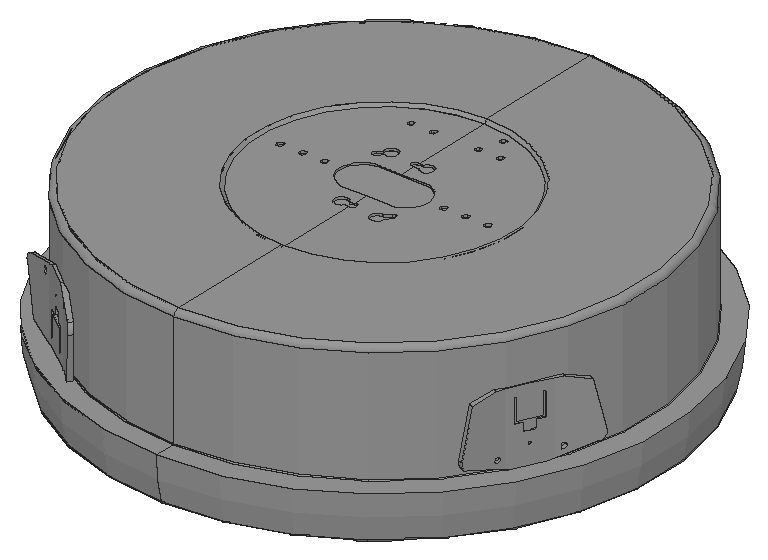
Revit family "Pelee Downlighter", category Lighting Fixtures, host Ceiling, Revit 2014 (continued)
Definition of nested family "250 Downlighter"
  Lines and regions (mm)
    symbolic lines, visible <- "Visible 250", detail levels medium+fine
      curve 90: line (0, 104.303, 31.479) -> (0, 92.884, 31.479)
      curve 91: spline (0, 95.512, 31.479) -> (0, 94.586, 32.127) -> (0, 93.691, 32.775) -> (0, 92.826, 33.422) -> (0, 91.992, 34.068) -> (0, 91.189, 34.714) -> (0, 90.417, 35.358) -> (0, 89.677, 36.002) -> (0, 88.968, 36.644) -> (0, 88.291, 37.285) -> (0, 87.646, 37.924) -> (0, 87.032, 38.562) -> (0, 86.451, 39.199)
      curve 92: spline (0, 86.451, 39.199) -> (0, 86.307, 39.406) -> (0, 86.171, 39.693) -> (0, 86.045, 40.057) -> (0, 85.932, 40.489) -> (0, 85.834, 40.984) -> (0, 85.751, 41.532) -> (0, 85.686, 42.124) -> (0, 85.64, 42.749) -> (0, 85.614, 43.396) -> (0, 85.608, 44.055) -> (0, 85.621, 44.713) -> (0, 85.655, 45.359)
      curve 93: spline (0, 85.655, 45.359) -> (0, 85.79, 47.995) -> (0, 85.926, 50.63) -> (0, 86.065, 53.265) -> (0, 86.206, 55.901) -> (0, 86.348, 58.537) -> (0, 86.493, 61.172) -> (0, 86.64, 63.808) -> (0, 86.788, 66.444) -> (0, 86.939, 69.08) -> (0, 87.092, 71.716) -> (0, 87.246, 74.353) -> (0, 87.403, 76.989)
      curve 94: spline (0, 83.697, 39.186) -> (0, 84.295, 38.55) -> (0, 84.924, 37.913) -> (0, 85.583, 37.274) -> (0, 86.273, 36.634) -> (0, 86.994, 35.993) -> (0, 87.745, 35.35) -> (0, 88.527, 34.707) -> (0, 89.338, 34.063) -> (0, 90.18, 33.418) -> (0, 91.051, 32.772) -> (0, 91.953, 32.126) -> (0, 92.884, 31.479)
      curve 95: spline (0, 82.837, 44.82) -> (0, 82.825, 44.205) -> (0, 82.83, 43.587) -> (0, 82.852, 42.977) -> (0, 82.892, 42.382) -> (0, 82.947, 41.813) -> (0, 83.019, 41.277) -> (0, 83.104, 40.784) -> (0, 83.203, 40.341) -> (0, 83.314, 39.954) -> (0, 83.434, 39.629) -> (0, 83.563, 39.372) -> (0, 83.697, 39.186)
      curve 96: spline (0, 84.665, 76.989) -> (0, 84.501, 74.308) -> (0, 84.34, 71.626) -> (0, 84.18, 68.945) -> (0, 84.023, 66.264) -> (0, 83.868, 63.583) -> (0, 83.714, 60.903) -> (0, 83.563, 58.222) -> (0, 83.414, 55.541) -> (0, 83.267, 52.861) -> (0, 83.121, 50.18) -> (0, 82.978, 47.5) -> (0, 82.837, 44.82)
      curve 97: spline (0, 89.214, 81) -> (0, 88.789, 80.664) -> (0, 88.373, 80.329) -> (0, 87.965, 79.993) -> (0, 87.565, 79.658) -> (0, 87.174, 79.323) -> (0, 86.79, 78.989) -> (0, 86.415, 78.655) -> (0, 86.048, 78.321) -> (0, 85.69, 77.987) -> (0, 85.34, 77.654) -> (0, 84.998, 77.321) -> (0, 84.665, 76.989)
      curve 118: spline (0, -71.6, 45.339) -> (0, -71.81, 47.976) -> (0, -72.022, 50.613) -> (0, -72.235, 53.25) -> (0, -72.451, 55.887) -> (0, -72.668, 58.525) -> (0, -72.887, 61.162) -> (0, -73.108, 63.8) -> (0, -73.331, 66.437) -> (0, -73.556, 69.075) -> (0, -73.782, 71.713) -> (0, -74.011, 74.351) -> (0, -74.241, 76.989)
      curve 119: spline (0, -72.821, 39.204) -> (0, -72.604, 39.41) -> (0, -72.399, 39.696) -> (0, -72.208, 40.058) -> (0, -72.037, 40.489) -> (0, -71.887, 40.981) -> (0, -71.761, 41.526) -> (0, -71.661, 42.115) -> (0, -71.589, 42.737) -> (0, -71.547, 43.382) -> (0, -71.534, 44.038) -> (0, -71.552, 44.694) -> (0, -71.6, 45.339)
      curve 120: spline (0, -85.202, 31.481) -> (0, -84.012, 32.13) -> (0, -82.85, 32.778) -> (0, -81.716, 33.426) -> (0, -80.611, 34.073) -> (0, -79.535, 34.718) -> (0, -78.487, 35.363) -> (0, -77.469, 36.007) -> (0, -76.48, 36.649) -> (0, -75.521, 37.29) -> (0, -74.591, 37.93) -> (0, -73.691, 38.567) -> (0, -72.821, 39.204)
      curve 121: line (0, -85.202, 31.481) -> (0, -98.483, 31.481)
      curve 122: spline (0, -75.302, 39.195) -> (0, -76.161, 38.56) -> (0, -77.051, 37.923) -> (0, -77.972, 37.285) -> (0, -78.923, 36.645) -> (0, -79.904, 36.003) -> (0, -80.916, 35.36) -> (0, -81.958, 34.716) -> (0, -83.029, 34.071) -> (0, -84.13, 33.424) -> (0, -85.261, 32.777) -> (0, -86.42, 32.129) -> (0, -87.609, 31.481)
      curve 123: spline (0, -74.068, 45.137) -> (0, -74.035, 44.502) -> (0, -74.031, 43.859) -> (0, -74.053, 43.219) -> (0, -74.104, 42.593) -> (0, -74.18, 41.991) -> (0, -74.282, 41.423) -> (0, -74.407, 40.898) -> (0, -74.554, 40.425) -> (0, -74.719, 40.012) -> (0, -74.901, 39.666) -> (0, -75.096, 39.392) -> (0, -75.302, 39.195)
      curve 124: spline (0, -76.698, 76.99) -> (0, -76.468, 74.335) -> (0, -76.241, 71.68) -> (0, -76.015, 69.025) -> (0, -75.792, 66.37) -> (0, -75.57, 63.716) -> (0, -75.35, 61.061) -> (0, -75.132, 58.407) -> (0, -74.916, 55.753) -> (0, -74.702, 53.099) -> (0, -74.49, 50.445) -> (0, -74.28, 47.791) -> (0, -74.072, 45.137)
      curve 125: spline (0, -82.874, 81) -> (0, -82.315, 80.664) -> (0, -81.763, 80.328) -> (0, -81.22, 79.993) -> (0, -80.685, 79.657) -> (0, -80.157, 79.323) -> (0, -79.639, 78.988) -> (0, -79.128, 78.654) -> (0, -78.625, 78.32) -> (0, -78.131, 77.987) -> (0, -77.645, 77.654) -> (0, -77.167, 77.322) -> (0, -76.698, 76.99)
      curve 126: spline (0, -74.241, 76.989) -> (0, -74.715, 77.321) -> (0, -75.197, 77.654) -> (0, -75.687, 77.987) -> (0, -76.185, 78.32) -> (0, -76.691, 78.654) -> (0, -77.205, 78.988) -> (0, -77.728, 79.323) -> (0, -78.257, 79.658) -> (0, -78.795, 79.993) -> (0, -79.341, 80.328) -> (0, -79.895, 80.664) -> (0, -80.456, 81)
      curve 131: spline (0, -98.483, 31.481) -> (0, -99.387, 31.888) -> (0, -100.301, 32.295) -> (0, -101.226, 32.702) -> (0, -102.161, 33.109) -> (0, -103.106, 33.515) -> (0, -104.062, 33.921) -> (0, -105.028, 34.327) -> (0, -106.004, 34.732) -> (0, -106.99, 35.138) -> (0, -107.986, 35.542) -> (0, -108.992, 35.946) -> (0, -110.007, 36.35)
      curve 163: spline (0, 87.403, 76.989) -> (0, 87.729, 77.321) -> (0, 88.063, 77.654) -> (0, 88.406, 77.987) -> (0, 88.757, 78.321) -> (0, 89.117, 78.654) -> (0, 89.485, 78.989) -> (0, 89.862, 79.323) -> (0, 90.248, 79.658) -> (0, 90.642, 79.993) -> (0, 91.044, 80.328) -> (0, 91.455, 80.664) -> (0, 91.875, 81)
      curve 164: line (0, 89.214, 81) -> (0, 109.475, 81)
      curve 166: spline (0, 110.007, 34.424) -> (0, 109.51, 34.18) -> (0, 109.016, 33.935) -> (0, 108.526, 33.69) -> (0, 108.04, 33.444) -> (0, 107.559, 33.199) -> (0, 107.081, 32.954) -> (0, 106.608, 32.708) -> (0, 106.139, 32.463) -> (0, 105.674, 32.217) -> (0, 105.213, 31.971) -> (0, 104.756, 31.725) -> (0, 104.303, 31.479)
      curve 168: line (0, -104.633, 81) -> (0, -80.456, 81)
  Dimensions and locks
    "Width": plane 4 to plane 5
    "Depth": plane 7 to plane 6
    "Height": plane 8 to Extrusion 1
    aligned and locked: plane 2 to Extrusion 1
    aligned and locked: level to Extrusion 1
    aligned and locked: cut or joined group of Extrusion 3, Revolve 5 to plane 2
  Automatic sketch dimensions
    curve 1 to curve 2 = 0 mm  (x2)
    curve 3 to curve 4 = 0 mm  (x2)
    curve 5 to curve 6 = 0 mm  (x2)
    curve 7 to curve 8 = 0 mm  (x2)
    curve 9 to curve 10 = 0 mm  (x2)
    curve 9 to curve 11 = 0 mm  (x2)
    curve 10 to curve 11 = 0 mm  (x2)
    curve 13 to curve 16 = 0 mm  (x2)
    curve 18 to curve 21 = 0 mm  (x2)
    curve 23 to curve 26 = 0 mm  (x2)
    plane 1 "Center (Front/Back)" to curve 9 = 0 mm
    curve 9 to plane 4 = 0 mm
    curve 1 to plane 3 "Center (Left/Right)" = 0 mm
    curve 4 to plane 3 "Center (Left/Right)" = 0 mm
    curve 5 to plane 3 "Center (Left/Right)" = 0 mm
    curve 11 to plane 3 "Center (Left/Right)" = 0 mm
    curve 8 to plane 3 "Center (Left/Right)" = 0 mm
    plane 4 to curve 22 = 1.533 mm
    curve 26 to curve 22 = 1.166 mm
    plane 4 to curve 12 = 32.077 mm
    curve 13 to curve 12 = 0.922 mm
    curve 14 to plane 4 = 25.988 mm
    curve 12 to curve 14 = 1.643 mm
    curve 25 to plane 4 = 36.199 mm
    curve 25 to curve 25 = 1.338 mm
    plane 7 to curve 15 = 4.809 mm
    curve 15 to plane 3 "Center (Left/Right)" = 27.746 mm
    plane 7 to curve 15 = 7.392 mm
    curve 12 to curve 15 = 1.706 mm
    plane 6 to curve 24 = 2.013 mm
    curve 24 to plane 3 "Center (Left/Right)" = 12.556 mm
    plane 6 to curve 24 = 4.701 mm
    curve 22 to curve 24 = 1.288 mm
    curve 20 to plane 5 = 12.467 mm
    curve 19 to plane 5 = 11.706 mm
    curve 18 to curve 20 = 2.98 mm
    curve 21 to curve 19 = 3.095 mm
    plane 1 "Center (Front/Back)" to curve 17 = 3.372 mm
    plane 5 to curve 17 = 163.289 mm
    curve 17 to curve 18 = 2.11 mm
    curve 12 to plane 7 = 116.762 mm
    curve 13 to curve 12 = 1.913 mm
    plane 7 to curve 6 = 24 mm
    curve 12 to curve 14 = 2.488 mm
    plane 1 "Center (Front/Back)" to curve 20 = 44.048 mm
    curve 17 to curve 20 = 0.057 mm
    plane 1 "Center (Front/Back)" to curve 4 = 16 mm
    curve 17 to curve 18 = 0.244 mm
    curve 9 to curve 2 = 16 mm
    curve 19 to curve 19 = 0.059 mm
    curve 25 to plane 1 "Center (Front/Back)" = 82.825 mm
    curve 26 to curve 25 = 2.791 mm
    curve 8 to curve 24 = 19.299 mm
    curve 22 to curve 26 = 1.775 mm
    curve 14 to curve 13 = 24.073 mm
    curve 1 to curve 1 = 11 mm
    curve 3 to curve 3 = 11 mm
    curve 5 to curve 5 = 2.5 mm
    curve 7 to curve 7 = 2.5 mm
    Extrusion 1 sketch curve to Extrusion 1 sketch curve = 2438.4 mm  (x2)
    Extrusion 3 sketch curve to plane 3 "Center (Left/Right)" = 0 mm  (x4)
    plane 6 to Extrusion 3 sketch curve = 24 mm
    Extrusion 3 sketch curve to plane 1 "Center (Front/Back)" = 16 mm
    plane 1 "Center (Front/Back)" to Extrusion 3 sketch curve = 16 mm
    plane 7 to Extrusion 3 sketch curve = 24 mm
    plane 1 "Center (Front/Back)" to Extrusion 4 sketch curve = 0 mm
    Extrusion 4 sketch curve to plane 3 "Center (Left/Right)" = 0 mm
    Revolve 2 sketch curve to Revolve 2 sketch curve = 0 mm  (x2)
    plane 4 to Revolve 2 sketch curve = 0 mm
    Revolve 2 sketch curve to plane 8 = 0 mm
    Revolve 2 sketch curve to level = 0 mm  (x2)
    Revolve 2 sketch curve to plane 3 "Center (Left/Right)" = 0 mm  (x3)
    plane 8 to Revolve 2 sketch curve = 0.847 mm
    Revolve 2 sketch curve to plane 4 = 5.636 mm
    Revolve 2 sketch curve to Revolve 2 sketch curve = 1.129 mm  (x9)
    plane 8 to Revolve 2 sketch curve = 0.781 mm
    Revolve 2 sketch curve to Revolve 2 sketch curve = 0.852 mm  (x17)
    plane 8 to Revolve 2 sketch curve = 2.281 mm
    Revolve 2 sketch curve to Revolve 2 sketch curve = 0.131 mm  (x9)
    plane 8 to Revolve 2 sketch curve = 3.843 mm
    plane 8 to Revolve 2 sketch curve = 5.343 mm
    plane 8 to Revolve 2 sketch curve = 6.904 mm
    plane 8 to Revolve 2 sketch curve = 8.404 mm
    Revolve 2 sketch curve to plane 4 = 14.4 mm
    level to Revolve 2 sketch curve = 4 mm
    Revolve 2 sketch curve to plane 4 = 15 mm
    Revolve 2 sketch curve to Revolve 2 sketch curve = 1 mm  (x2)
    plane 8 to Revolve 2 sketch curve = 9.966 mm
    plane 8 to Revolve 2 sketch curve = 11.466 mm
    plane 8 to Revolve 2 sketch curve = 13.028 mm
    Revolve 2 sketch curve to Revolve 2 sketch curve = 0.948 mm
    plane 3 "Center (Left/Right)" to Revolve 2 sketch curve = 0.957 mm
    plane 8 to Revolve 2 sketch curve = 35.412 mm
    Revolve 2 sketch curve to Revolve 2 sketch curve = 3.412 mm
    Revolve 2 sketch curve to Revolve 2 sketch curve = 0.4 mm
    Revolve 2 sketch curve to Revolve 2 sketch curve = 4.226 mm
    Revolve 2 sketch curve to Revolve 2 sketch curve = 1.425 mm  (x4)
    Revolve 2 sketch curve to Revolve 2 sketch curve = 0.075 mm  (x8)
    Revolve 2 sketch curve to Revolve 2 sketch curve = 0.781 mm  (x4)
    Revolve 2 sketch curve to level = 25 mm
    plane 4 to Revolve 5 sketch curve = 0 mm
    Revolve 5 sketch curve to plane 8 = 0 mm
    Revolve 5 sketch curve to level = 0 mm  (x2)
    Revolve 5 sketch curve to plane 3 "Center (Left/Right)" = 0 mm  (x2)
    Revolve 5 sketch curve to plane 4 = 5.033 mm
    Revolve 5 sketch curve to Revolve 5 sketch curve = 15 mm
    plane 3 "Center (Left/Right)" to Revolve 5 sketch curve = 0.015 mm
    Revolve 5 sketch curve to Revolve 5 sketch curve = 35.386 mm
    Revolve 5 sketch curve to level = 30 mm
    plane 4 to curve 29 = 0 mm
    curve 28 to plane 8 = 0 mm
    curve 34 to level = 0 mm
    curve 37 to plane 5 = 0 mm
    plane 8 to curve 30 = 0.926 mm
    curve 30 to plane 4 = 5.689 mm
    curve 27 to plane 4 = 14.4 mm
    curve 36 to curve 33 = 0.6 mm
    level to curve 35 = 4 mm
    curve 33 to curve 48 = 32.05 mm
    curve 35 to curve 42 = 36.924 mm
    curve 47 to curve 73 = 9.297 mm
    curve 73 to curve 71 = 1.731 mm
    curve 73 to curve 83 = 4.475 mm
    curve 80 to curve 83 = 2.122 mm
    curve 83 to curve 82 = 3.021 mm
    curve 82 to curve 82 = 2.074 mm
    curve 75 to curve 71 = 2.627 mm
    curve 71 to curve 76 = 1.626 mm
    curve 76 to curve 48 = 8.332 mm
    curve 31 to plane 3 "Center (Left/Right)" = 0.015 mm
    plane 3 "Center (Left/Right)" to curve 29 = 0.015 mm
    level to curve 38 = 4 mm
    curve 38 to plane 5 = 19 mm
    curve 85 to curve 49 = 1.913 mm
    curve 86 to plane 5 = 16.177 mm
    curve 49 to curve 49 = 1.185 mm
    curve 53 to curve 37 = 3.319 mm
    plane 8 to curve 32 = 0.926 mm
    curve 32 to plane 5 = 5.689 mm
    level to curve 42 = 31.479 mm
    curve 62 to curve 85 = 27.48 mm
    curve 42 to curve 83 = 21.023 mm
    curve 81 to curve 83 = 0 mm
    curve 81 to curve 76 = 5.5 mm
    curve 80 to curve 80 = 5.5 mm
    curve 73 to curve 72 = 2 mm
    curve 71 to curve 76 = 14.011 mm
    curve 76 to curve 77 = 0.004 mm
    curve 71 to curve 73 = 14.016 mm
    curve 73 to curve 72 = 0.004 mm
    curve 76 to curve 29 = 2.601 mm
    curve 31 to curve 29 = 0 mm
    curve 79 to curve 48 = 6.982 mm
    plane 4 to curve 46 = 38.841 mm
    curve 47 to curve 46 = 0.018 mm
    plane 4 to curve 41 = 38.891 mm
    curve 43 to curve 41 = 0.003 mm
    plane 4 to curve 40 = 861.524 mm
    plane 4 to curve 45 = 868.917 mm
    curve 40 to plane 8 = 114.589 mm
    curve 40 to curve 47 = 1690.47 mm
    curve 45 to curve 40 = 17.078 mm
    curve 39 to plane 4 = 26.068 mm
    curve 39 to curve 41 = 3.433 mm
    curve 39 to curve 39 = 4.63 mm
    curve 39 to curve 39 = 0.03 mm
    curve 40 to curve 47 = 13.859 mm
    curve 65 to curve 42 = 10.115 mm
    curve 65 to curve 66 = 1.797 mm
    curve 65 to curve 65 = 1.801 mm
    curve 65 to curve 66 = 0 mm
    curve 66 to curve 65 = 0.008 mm
    curve 66 to curve 66 = 1.801 mm
    curve 73 to curve 79 = 0.866 mm
    curve 79 to curve 79 = 0.001 mm
    curve 83 to curve 68 = 0.464 mm
    curve 84 to curve 84 = 1.496 mm
    curve 68 to curve 67 = 1.048 mm
    curve 68 to curve 67 = 1.049 mm  (x2)
    curve 68 to curve 67 = 0 mm
    curve 67 to curve 68 = 0.001 mm
    curve 84 to curve 84 = 1.46 mm
    curve 77 to curve 78 = 0.813 mm
    curve 78 to curve 78 = 0.813 mm
    curve 68 to curve 43 = 8.237 mm
    curve 43 to curve 42 = 1.608 mm
    curve 42 to curve 69 = 4.267 mm
    curve 70 to curve 69 = 1.556 mm
    curve 70 to curve 70 = 1.558 mm
    curve 70 to curve 69 = 0 mm
    curve 69 to curve 70 = 0.005 mm
    curve 69 to curve 70 = 1.558 mm
    curve 48 to curve 46 = 11.27 mm
    curve 69 to curve 44 = 12.082 mm
    curve 44 to curve 44 = 0.034 mm
    curve 44 to curve 44 = 0.864 mm
    curve 44 to curve 45 = 3.435 mm
    plane 3 "Center (Left/Right)" to curve 47 = 21.296 mm
    plane 3 "Center (Left/Right)" to curve 41 = 21.349 mm
    plane 3 "Center (Left/Right)" to curve 46 = 21.413 mm
    plane 3 "Center (Left/Right)" to curve 43 = 21.433 mm
    curve 50 to curve 85 = 0.189 mm
    curve 53 to curve 53 = 0.921 mm
    curve 50 to curve 64 = 0.489 mm
    curve 63 to curve 63 = 0.192 mm
    curve 63 to curve 64 = 0.196 mm
    curve 64 to curve 63 = 0 mm
    curve 63 to curve 64 = 0.002 mm
    curve 63 to curve 63 = 0.196 mm
    curve 60 to curve 49 = 0.397 mm
    curve 60 to curve 61 = 0.001 mm
    curve 53 to curve 54 = 2.892 mm
    curve 54 to curve 56 = 0.001 mm
    curve 52 to curve 37 = 1.17 mm
    curve 60 to curve 49 = 0.212 mm
    curve 64 to curve 51 = 2.506 mm
    curve 64 to curve 51 = 2.724 mm
    curve 54 to curve 37 = 0.421 mm
    curve 51 to curve 50 = 0.266 mm
    curve 51 to curve 52 = 1.007 mm
    curve 52 to curve 51 = 0.003 mm
    curve 52 to curve 54 = 2.944 mm
    curve 51 to curve 59 = 1.891 mm
    curve 51 to curve 59 = 1.901 mm
    curve 54 to curve 57 = 0.728 mm
    curve 51 to curve 59 = 2.972 mm
    curve 59 to curve 58 = 0.492 mm
    curve 59 to curve 58 = 0.821 mm
    curve 58 to curve 55 = 0.253 mm
    curve 58 to curve 61 = 0.297 mm
    curve 59 to curve 58 = 0.863 mm
    curve 52 to plane 5 = 6.127 mm
    curve 55 to plane 5 = 3.558 mm
    curve 57 to plane 5 = 3.418 mm
    plane 5 to curve 54 = 175.517 mm
    curve 54 to curve 60 = 0.084 mm
    curve 54 to curve 56 = 0.102 mm
    curve 60 to curve 61 = 0.091 mm
    curve 54 to curve 53 = 2.472 mm
    curve 60 to curve 50 = 2.472 mm
    curve 55 to plane 8 = 114.59 mm
    curve 53 to curve 55 = 3061.954 mm
    curve 55 to curve 57 = 36.34 mm
    curve 57 to curve 52 = 62.876 mm
    curve 41 to level = 13.016 mm
    curve 52 to curve 55 = 6.905 mm
    curve 45 to level = 2956.532 mm
    curve 61 to curve 60 = 3.239 mm
    curve 50 to curve 61 = 0.886 mm
    curve 60 to curve 61 = 0.809 mm
    curve 41 to curve 43 = 0.808 mm
    curve 63 to curve 51 = 2.03 mm
    curve 42 to curve 66 = 5.703 mm
    curve 42 to curve 70 = 5.703 mm
    curve 44 to curve 43 = 0.162 mm
    curve 58 to curve 61 = 0.167 mm
    curve 51 to curve 51 = 0.167 mm
    curve 64 to curve 63 = 0.027 mm
    curve 65 to curve 66 = 0.028 mm
    curve 69 to curve 70 = 0.02 mm
    curve 67 to curve 84 = 8.207 mm
    curve 67 to curve 68 = 0 mm
    curve 41 to curve 39 = 4.833 mm
    curve 58 to curve 59 = 0.005 mm
    curve 52 to curve 51 = 0 mm
    curve 56 to curve 54 = 0 mm
    curve 160 to plane 7 = 0 mm
    curve 158 to plane 6 = 0 mm
    plane 7 to curve 161 = 5.576 mm
    plane 7 to curve 155 = 19 mm
    plane 1 "Center (Front/Back)" to curve 160 = 1.318 mm
    curve 158 to plane 1 "Center (Front/Back)" = 1.318 mm
    plane 6 to curve 153 = 19 mm
    plane 6 to curve 159 = 5.576 mm
    plane 8 to curve 153 = 107.993 mm
    curve 155 to curve 153 = 0 mm
    curve 153 to curve 158 = 72.886 mm
    curve 158 to curve 160 = 0 mm
    curve 153 to curve 159 = 107.201 mm
    curve 155 to curve 161 = 107.201 mm
    curve 125 to plane 7 = 126.94 mm
    curve 122 to curve 125 = 0.082 mm
    curve 128 to curve 125 = 0.132 mm
    curve 167 to curve 122 = 0.104 mm
    curve 131 to curve 167 = 0 mm  (x2)
    curve 126 to curve 125 = 2.217 mm
    curve 120 to curve 122 = 2.215 mm
    curve 118 to curve 124 = 43.53 mm
    curve 124 to plane 8 = 114.591 mm
    curve 129 to curve 124 = 32.198 mm
    curve 118 to curve 129 = 50.799 mm
    curve 160 to curve 161 = 0.792 mm
    plane 7 to curve 130 = 4.877 mm
    curve 129 to curve 130 = 2.621 mm
    curve 129 to curve 130 = 3.513 mm
    curve 130 to curve 130 = 0.926 mm
    plane 7 to curve 129 = 10.27 mm
    curve 156 to curve 155 = 4.007 mm
    curve 156 to curve 132 = 4.495 mm
    curve 129 to curve 168 = 10.097 mm
    curve 132 to curve 133 = 1.27 mm
    curve 132 to curve 132 = 1.272 mm
    curve 132 to curve 133 = 0 mm
    curve 133 to curve 132 = 0.004 mm
    curve 132 to curve 121 = 5.754 mm
    curve 133 to curve 142 = 6.053 mm
    curve 145 to curve 145 = 0.584 mm  (x2)
    curve 141 to curve 143 = 1.168 mm
    curve 143 to curve 141 = 1.829 mm
    curve 148 to curve 151 = 1.396 mm
    curve 149 to curve 136 = 0.655 mm
    curve 149 to curve 149 = 0.956 mm
    curve 136 to curve 137 = 0.327 mm
    curve 137 to curve 137 = 0.328 mm
    curve 136 to curve 137 = 0 mm  (x2)
    curve 137 to curve 136 = 0.001 mm
    curve 149 to curve 149 = 0.998 mm
    curve 136 to curve 137 = 0.406 mm
    curve 149 to curve 150 = 0.96 mm
    curve 149 to curve 147 = 1.324 mm
    curve 140 to curve 144 = 1.652 mm
    curve 146 to curve 146 = 0.504 mm
    curve 146 to curve 146 = 0.001 mm
    curve 146 to curve 139 = 0.504 mm
    curve 121 to curve 122 = 10.874 mm
    curve 122 to curve 121 = 2.407 mm
    curve 121 to curve 135 = 1.129 mm
    curve 135 to curve 135 = 0.903 mm
    curve 135 to curve 134 = 0.905 mm
    curve 134 to curve 135 = 0 mm
    curve 135 to curve 134 = 0.004 mm
    curve 146 to curve 125 = 5.484 mm
    curve 125 to curve 126 = 2.418 mm
    curve 126 to curve 125 = 3.758 mm
    curve 134 to curve 123 = 7.464 mm
    curve 123 to curve 123 = 0.011 mm
    curve 123 to curve 123 = 0.399 mm
    curve 124 to curve 126 = 2.457 mm
    curve 123 to curve 124 = 1.629 mm
    curve 124 to curve 123 = 0.004 mm
    curve 123 to curve 119 = 0.788 mm
    curve 123 to curve 119 = 2.047 mm
    curve 119 to curve 119 = 0.433 mm
    curve 119 to curve 119 = 1.679 mm
    curve 126 to curve 128 = 16.177 mm
    curve 121 to curve 131 = 20.944 mm
    curve 123 to curve 125 = 11.442 mm
    curve 125 to curve 122 = 0.003 mm
    curve 125 to curve 126 = 3.089 mm
    curve 126 to curve 120 = 0.003 mm
    curve 94 to curve 97 = 0.001 mm
    curve 94 to curve 91 = 3.226 mm
    curve 97 to curve 163 = 3.225 mm
    curve 166 to curve 153 = 24.376 mm
    curve 89 to curve 166 = 0 mm  (x2)
    curve 162 to curve 159 = 37.781 mm
    curve 91 to curve 95 = 1.243 mm
    curve 96 to curve 94 = 0.86 mm
    curve 91 to curve 95 = 2.359 mm
    curve 96 to curve 95 = 1.126 mm
    curve 163 to curve 97 = 3.07 mm
    curve 95 to curve 92 = 1.692 mm
    curve 95 to curve 91 = 2.753 mm
    curve 91 to curve 92 = 0.287 mm
    curve 93 to curve 92 = 1.107 mm
    curve 96 to curve 163 = 2.739 mm
    curve 93 to curve 164 = 1.811 mm
    curve 92 to curve 116 = 4.679 mm
    curve 97 to curve 163 = 2.661 mm
    curve 116 to curve 117 = 0.679 mm
    curve 116 to curve 117 = 0 mm
    curve 117 to curve 116 = 0.001 mm
    curve 117 to curve 116 = 0.682 mm
    curve 117 to curve 94 = 0.788 mm
    curve 90 to curve 91 = 2.629 mm
    curve 95 to curve 104 = 11.752 mm
    curve 103 to curve 102 = 0.397 mm
    curve 102 to curve 102 = 0 mm
    curve 102 to curve 102 = 0.397 mm
    curve 103 to curve 105 = 2.105 mm
    curve 105 to curve 107 = 1.061 mm
    curve 108 to curve 115 = 0.238 mm
    curve 107 to curve 108 = 0.777 mm
    curve 114 to curve 115 = 0.55 mm
    curve 114 to curve 115 = 0 mm  (x2)
    curve 115 to curve 114 = 0.001 mm
    curve 107 to curve 108 = 0.816 mm
    curve 114 to curve 114 = 0.55 mm
    curve 108 to curve 109 = 0.807 mm
    curve 109 to curve 106 = 1.139 mm
    curve 101 to curve 100 = 6.599 mm
    curve 100 to curve 100 = 0.482 mm
    curve 99 to curve 100 = 0.483 mm
    curve 100 to curve 98 = 0.483 mm
    curve 91 to curve 166 = 8.791 mm
    curve 90 to curve 112 = 3.764 mm
    curve 112 to curve 113 = 1.075 mm
    curve 112 to curve 113 = 0 mm
    curve 113 to curve 112 = 0.002 mm
    curve 100 to curve 162 = 5.895 mm
    curve 112 to curve 89 = 0.86 mm
    curve 113 to curve 113 = 1.079 mm
    plane 6 to curve 87 = 6.817 mm
    plane 6 to curve 88 = 5.204 mm
    curve 88 to curve 88 = 0.013 mm
    curve 159 to curve 158 = 0.792 mm
    plane 6 to curve 89 = 4.37 mm
    plane 6 to curve 87 = 2.067 mm
    curve 162 to plane 6 = 145.11 mm
    curve 162 to curve 163 = 0.052 mm
    curve 163 to curve 166 = 0.016 mm
    curve 166 to curve 89 = 0 mm
    curve 89 to curve 91 = 0.058 mm
    curve 163 to curve 97 = 2.118 mm
    curve 91 to curve 94 = 2.114 mm
    curve 87 to plane 6 = 1376.476 mm
    curve 93 to plane 6 = 1390.568 mm
    curve 93 to curve 96 = 43.731 mm
    curve 87 to plane 8 = 114.589 mm
    curve 87 to curve 93 = 31.207 mm
    curve 93 to curve 96 = 94.527 mm
    curve 155 to curve 131 = 1.475 mm
    curve 167 to curve 131 = 0 mm
    curve 96 to curve 93 = 95.822 mm
    curve 118 to curve 124 = 92.682 mm
    curve 153 to curve 166 = 2.56 mm
    curve 120 to curve 131 = 0.884 mm
    curve 122 to curve 167 = 0.809 mm
    curve 89 to curve 91 = 0.808 mm
    curve 91 to curve 94 = 0.075 mm
    curve 153 to curve 90 = 27.472 mm
    curve 121 to curve 122 = 24.648 mm
    curve 154 to curve 112 = 2.756 mm
    curve 90 to curve 117 = 5.702 mm
    curve 121 to curve 135 = 5.701 mm
    curve 156 to curve 132 = 0.832 mm
    curve 130 to curve 167 = 0.164 mm
    curve 92 to curve 91 = 0.159 mm
    curve 119 to curve 120 = 0.159 mm
    curve 113 to curve 112 = 0.028 mm
    curve 134 to curve 135 = 0.028 mm
    curve 116 to curve 117 = 0.02 mm
    curve 133 to curve 132 = 0.02 mm
    curve 112 to curve 112 = 0.014 mm
    curve 117 to curve 117 = 0.01 mm
    curve 135 to curve 135 = 0.014 mm
    curve 132 to curve 132 = 0.01 mm
    curve 116 to curve 114 = 2.455 mm
    curve 134 to curve 136 = 4.704 mm
    curve 95 to curve 92 = 1.325 mm
    curve 88 to curve 88 = 4.829 mm
    curve 119 to curve 123 = 0.001 mm
    curve 115 to curve 114 = 0 mm
    curve 123 to curve 124 = 0.001 mm
    curve 115 to curve 108 = 6.957 mm
    curve 136 to curve 149 = 5.707 mm
    curve 108 to curve 108 = 0.655 mm
    curve 149 to curve 150 = 0.655 mm
    curve 108 to curve 111 = 3.353 mm
    curve 105 to curve 106 = 0 mm
    curve 149 to curve 147 = 3.353 mm
    curve 148 to curve 142 = 5.5 mm
    curve 120 to curve 126 = 1.497 mm
    curve 122 to curve 125 = 2.912 mm
    curve 98 to curve 99 = 2 mm
    curve 141 to curve 144 = 2 mm
    curve 94 to curve 97 = 11.658 mm
    curve 97 to curve 163 = 0.694 mm
    curve 99 to curve 100 = 13.998 mm
    curve 100 to curve 102 = 0 mm
    curve 103 to curve 102 = 0 mm
    curve 146 to curve 124 = 2.989 mm
    curve 146 to curve 145 = 0.001 mm
    curve 145 to curve 145 = 0.012 mm
    curve 100 to curve 98 = 0.017 mm
    curve 146 to curve 146 = 0.019 mm
    curve 142 to curve 129 = 2.976 mm
    curve 100 to curve 162 = 5.999 mm
    curve 145 to curve 127 = 5.998 mm
    radius of Extrusion 3 sketch curve = 11 mm  (x2)
    radius of Extrusion 3 sketch curve = 2.5 mm  (x2)
    radius of Extrusion 4 sketch curve = 125 mm
  Nested families
    nested 1: "Switch" at (109.996, -0.921, 54.583) x (-0.0084, -1, 0) z (1, -0.0084, 0), visible <- "Visible 250", type "Switch", detail levels fine
    nested 2: "Switch" at (-59.567, -92.476, 54.583) x (-0.8407, 0.5415, 0) z (-0.5415, -0.8407, 0), visible <- "Visible 250", type "Switch", detail levels fine
    nested 3: "Switch" at (-49.6, 98.183, 54.583) x (0.8926, 0.4509, 0) z (-0.4509, 0.8926, 0), visible <- "Visible 250", type "Switch", detail levels fine
  Definition of nested family "Switch"
    Parameters (values of type "Switch")
      Material Secondary = Acrylic-Focus Lighting-Switch-Polished
      Default Elevation = 1219.2 mm
    Reference planes
      plane 1 "Center (Front/Back)": y = 0
      plane 2: z = 0
      plane 3 "Center (Left/Right)": x = 0
    Forms (mm)
      Extrusion 1, solid
        sketch origin (0, 0, 0) x (1, 0, 0) y (0, 1, 0)
          loop
            line (-1219.2, 1219.2) -> (-1219.2, -1219.2) -> (1219.2, -1219.2) -> (1219.2, 1219.2) -> (-1219.2, 1219.2)
        from 0 to -304.8
      Extrusion 2, solid, material "Acrylic-Focus Lighting-Switch-Polished" <- "Material Secondary"
        sketch origin (405.62, -1444.455, -44.764) x (1, 0, 0) y (0, 1, 0)
          loop
            line (-425, 1418) -> (-385, 1418) -> (-370.028, 1422.012) -> (-362.674, 1453.864)
            arc (-362.674, 1453.864) -> (-363.26, 1457.564) -> (-366.252, 1459.818) r 5
            line (-366.252, 1459.818) -> (-395, 1467.521) -> (-415, 1467.521) -> (-443.748, 1459.818)
            arc (-443.748, 1459.818) -> (-446.74, 1457.564) -> (-447.326, 1453.864) r 5
            line (-447.326, 1453.864) -> (-439.972, 1422.012) -> (-425, 1418)
          loop
            circle (-385.626, 1459.818) r 2
          loop
            circle (-424.374, 1459.818) r 2
          loop
            arc (-397.5, 1425) -> (-396.5, 1424) -> (-395.5, 1425) r 1
            line (-395.5, 1425) -> (-395.5, 1441) -> (-400.7, 1441) -> (-400.7, 1446.5) -> (-403.2, 1446.5)
            arc (-403.2, 1446.5) -> (-405, 1447.155) -> (-406.8, 1446.5) r 2.802
            line (-406.8, 1446.5) -> (-409.3, 1446.5) -> (-409.3, 1441) -> (-414.5, 1441) -> (-414.5, 1425)
            arc (-414.5, 1425) -> (-413.5, 1424) -> (-412.5, 1425) r 1
            line (-412.5, 1425) -> (-412.5, 1439) -> (-397.5, 1439) -> (-397.5, 1425)
          loop
            circle (-405, 1454.112) r 1.25
        from 39.908 to 54.139
      Extrusion 3, void
        sketch origin (2.42, -1444.455, -236.264) x (0, 0, 1) y (1, 0, 0)
          loop
            arc (242.221, 42.188) -> (237.07, -1.603) -> (242.872, -45.313) r 177.5
            line (242.872, -45.313) -> (249.308, -45.313) -> (249.308, 42.188) -> (242.221, 42.188)
          loop
            line (239.113, 42.188) -> (229.113, 42.188) -> (229.113, -45.313) -> (239.885, -45.313)
            arc (239.885, -45.313) -> (234.177, -1.609) -> (239.113, 42.188) r 182.5
        from 1414.774 to 1471.01
    Cuts and joins
      Extrusion 3 cuts Extrusion 2
    Dimensions and locks
      aligned and locked: plane 2 to Extrusion 1
      aligned and locked: level to Extrusion 1
Types (4, lengths in mm): name | Wattage | Watt | Visible 385 | Visible 250 | Output Ratio | Lumens | built-in parameter 1150105 | built-in parameter 1150106 | Focus | Driver | Candela
  Pelee_250_Downlighter | 9.2903 W | "14 W" | no | yes | "72 percent" | 1380 lm | 109.82 (stored number, unit not read) | 1.0982 (stored number, unit not read) | "" | "350-500 mA, extra for dimming" | ""
  Pelee_385_14 W_Downlighter | 9.2903 W | "14 W" | yes | no | "72 percent" | 1380 lm | 109.82 (stored number, unit not read) | 1.0982 (stored number, unit not read) | "1.38x" | "350-500 mA, extra for dimming" | "460.5 cd"
  Pelee_385_19-8 W_Downlighter | 13.1276 W | "19 W" | yes | no | "" | 1950 lm | 155.18 (stored number, unit not read) | 1.5518 (stored number, unit not read) | "1.95x" | "" | "650.7 cd"
  Pelee_385_28 W_Downlighter | 17.8401 W | "28 W" | yes | no | "82 percent" | 2650 lm | 210.88 (stored number, unit not read) | 2.1088 (stored number, unit not read) | "2.65x" | "350-700 mA, extra for dimming" | "884.3 cd"
